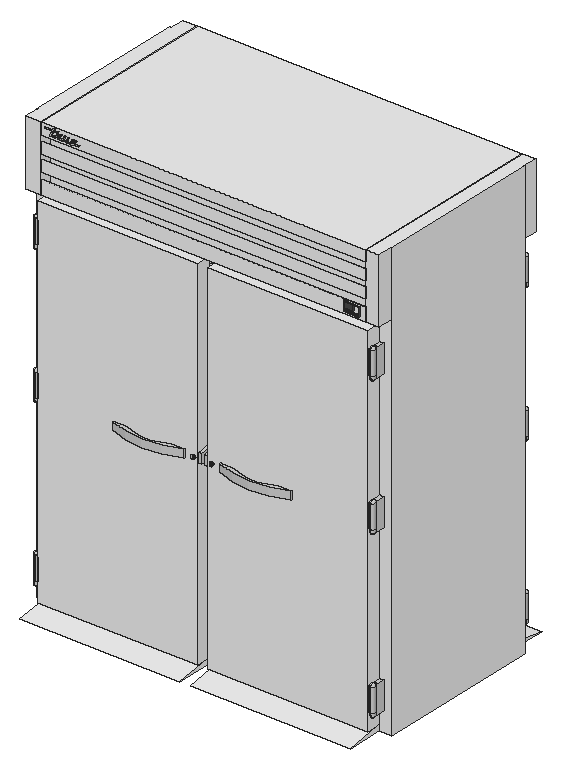
Revit family
Parameters
  Weight in Pounds = 0
  Watts = Volts * FL Amps  # 1092.5 W
  Volts = 115 V
  URL Cutsheet = "www.truemfg.com"
  URL = "www.truemfg.com"
  Type Mark [instance] = ""
  Type Comments = ""
  Status [instance] = ""
  Specification by User [instance] = ""
  Specification by Manufacturer = ""
  Show Logo [instance] = yes
  Show Clearance [instance] = yes
  Serial Number = ""
  Seismic Rating = ""
  SMACNA No = ""
  Revision Code [instance] = ""
  Phase = 1
  Omniclass Number and Title = ""
  Number of Poles [instance] = 1
  NAFEM Spec ID Number = ""
  Model = "STG2RRT-2S-2S"
  Min Ckt Ampacity = 0 A
  Max Overcurrent Protection = 0 A
  Masterspec = ""
  Manufacturer = "TRUE FOOD SERVICE EQUIPMENT, INC."
  Length = 68"
  Item Number [instance] = ""
  Installed By [instance] = ""
  Identify Quantity as Lot [instance] = yes
  Height = 83 3/4"
  HP = "1/2"
  Furnished By [instance] = ""
  Foodservice Equipment Identifier [instance] = yes
  FL Amps = 9.5 A
  Electrical Remarks [instance] = ""
  Electric Connection Type [instance] = ""
  Elec Conn RI Height [instance] = 0"
  Elec Conn Connection Height [instance] = 0"
  Description = "Roll-thru Solid Swing Door Refrigerator"
  Depth = 37 1/2"
  Cycle = 60 Hz
  Conn Plug = "5-15P"
  Conn Conduit = yes
  CSI MasterFormat = ""
  CSI Master Format = ""
  Apparent Power = if(Phase = 3, Volts * FL Amps * 1.73, Volts * FL Amps)  # 1092.5 VA
Reference planes (in)
  plane 1 "BACK": y = 0
  plane 2: z = 0
  plane 3 "LEFT": x = 0
  plane 4 "RIGHT": x = 68
  plane 5 "FRONT": y = -37.5
  plane 6 "TOP": z = 83.75
  plane 7: x = 2.84375
  plane 8: y = -37.4542
  plane 9: x = 34
  plane 10: y = -0.0458
  plane 11: z = 69.90625
Forms (in)
  Extrusion 1, solid, material "QF_Finishes_Chrome - Satin"
    sketch origin (0.05, 0, 0) x (1, 0, 0) y (0, 1, 0)
      loop
        line (-0.05, -2.75) -> (-0.05, -34.75) -> (2.87859, -34.75) -> (2.87859, -2.75) -> (-0.05, -2.75)
    from 0 to 83.75
  Extrusion 2, solid, material "QF_Finishes_Chrome - Satin"
    sketch origin (50.15, 0, 0) x (1, 0, 0) y (0, 1, 0)
      loop
        line (15.15, -2.75) -> (15.15, -34.75) -> (17.85, -34.75) -> (17.85, -2.75) -> (15.15, -2.75)
    from 0 to 83.75
  Extrusion 3, solid, material "QF_Finishes_Chrome - Satin"
    sketch origin (0, 0, 0) x (0, 1, 0) y (0, 0, 1)
      loop
        line (-37.4542, 71.28125) -> (-34.75, 71.28125) -> (-34.75, 68.90625) -> (-2.75, 68.90625) -> (-2.75, 71.28125) -> (-0.0458, 71.28125) -> (-0.0458, 73.94226) -> (-2.25, 72.375) -> (-2.25, 73.65057) -> (-0.0458, 75.21784) -> (-0.0458, 77.31404) -> (-2.25, 75.74678) -> (-2.25, 76.70754) -> (-0.0458, 78.2748) -> (-0.0458, 80.40851) -> (-2.25, 78.84125) -> (-2.25, 79.96352) -> (-0.0458, 81.53078) -> (-0.0458, 83.75) -> (-37.4542, 83.75) -> (-37.4542, 81.53078) -> (-35.25, 79.96352) -> (-35.25, 78.84125) -> (-37.4542, 80.40851) -> (-37.4542, 78.2748) -> (-35.25, 76.70754) -> (-35.25, 75.74678) -> (-37.4542, 77.31404) -> (-37.4542, 75.21784) -> (-35.25, 73.65057) -> (-35.25, 72.375) -> (-37.4542, 73.94226) -> (-37.4542, 71.28125)
      loop
        line (-34.75, 0) -> (-2.75, 0) -> (-2.75, 2) -> (-34.75, 2) -> (-34.75, 0)
    from 2.92859 to 65.3
  Extrusion 4, solid, material "QF_Finishes_Chrome - Satin"
    sketch origin (0, 0, 0) x (1, 0, 0) y (0, 1, 0)
      loop
        line (67.84782, -34.75) -> (65.3, -34.75) -> (65.3, -37.5) -> (67.84782, -37.5) -> (67.84782, -34.75)
      loop
        line (67.84782, -2.75) -> (67.84782, 0) -> (65.3, 0) -> (65.3, -2.75) -> (67.84782, -2.75)
    from 71.28125 to 83.75
  Extrusion 5, solid, material "QF_Finishes_Chrome - Satin"
    sketch origin (-50.125, 0, 0.25) x (1, 0, 0) y (0, 1, 0)
      loop
        line (53.05359, -34.75) -> (50.24109, -34.75) -> (50.24109, -37.5) -> (53.05359, -37.5) -> (53.05359, -34.75)
      loop
        line (53.05359, -2.75) -> (53.05359, 0) -> (50.24109, 0) -> (50.24109, -2.75) -> (53.05359, -2.75)
    from 71.03125 to 83.5
  Extrusion 6, solid, material "QF_Finishes_Handrails and Railings"
    sketch origin (9.34375, -3.83467, -3.5) x (1, 0, 0) y (0, 0, 1)
      loop
        circle (26.4375, 40.0625) r 0.35
      loop
        line (26.47265, 40.33635) -> (26.41715, 40.33635) -> (26.41715, 39.76895) -> (26.47265, 39.76895) -> (26.47265, 40.33635)
    from 33.5 to 33.83066
  Extrusion 7, solid, material "QF_Finishes_Handrails and Railings", visible <- "Show Logo"
    sketch origin (0.33478, -2.68623, 5.13015) x (1, 0, 0) y (0, 0, 1)
      loop
        line (3.46044, 78.08731) -> (3.35478, 77.86073) -> (4.76027, 77.86073)
        arc (4.76027, 77.86073) -> (4.78879, 77.81028) -> (4.76027, 77.75984) r 0.05887
        line (4.76027, 77.75984) -> (4.39369, 76.97372)
        arc (4.39369, 76.97372) -> (4.39051, 76.90091) -> (4.43975, 76.84717) r 0.09523
        line (4.43975, 76.84717) -> (5.33844, 76.84717)
        arc (5.33844, 76.84717) -> (5.45192, 76.88295) -> (5.52436, 76.97735) r 0.19785
        line (5.52436, 76.97735) -> (5.81285, 77.59601) -> (6.0779, 77.59601)
        arc (6.0779, 77.59601) -> (6.14744, 77.57043) -> (6.13737, 77.49703) r 0.05911
        line (6.13737, 77.49703) -> (5.89598, 76.97937)
        arc (5.89598, 76.97937) -> (5.89974, 76.8934) -> (5.97231, 76.84717) r 0.09318
        line (5.97231, 76.84717) -> (6.76198, 76.84717)
        arc (6.76198, 76.84717) -> (6.82249, 76.86919) -> (6.85468, 76.92495) r 0.09412
        arc (6.85468, 76.92495) -> (6.87746, 76.86995) -> (6.93246, 76.84717) r 0.07778
        line (6.93246, 76.84717) -> (7.43246, 76.84717)
        arc (7.43246, 76.84717) -> (7.49022, 76.86265) -> (7.53251, 76.90493) r 0.11552
        arc (7.53251, 76.90493) -> (7.55275, 76.85606) -> (7.60162, 76.83581) r 0.06912
        line (7.60162, 76.83581) -> (8.31225, 76.83581)
        arc (8.31225, 76.83581) -> (8.37034, 76.85988) -> (8.39441, 76.91797) r 0.08216
        arc (8.39441, 76.91797) -> (8.44767, 76.86472) -> (8.52042, 76.84522) r 0.14551
        line (8.52042, 76.84522) -> (9.85158, 76.84522) -> (9.99946, 77.10134) -> (8.65678, 77.10134)
        arc (8.65678, 77.10134) -> (8.61972, 77.12704) -> (8.61834, 77.17211) r 0.05009
        line (8.61834, 77.17211) -> (8.64157, 77.22192)
        arc (8.64157, 77.22192) -> (8.67723, 77.26864) -> (8.73327, 77.28635) r 0.09747
        line (8.73327, 77.28635) -> (9.16485, 77.28635)
        arc (9.16485, 77.28635) -> (9.258, 77.31131) -> (9.32619, 77.3795) r 0.1863
        line (9.32619, 77.3795) -> (9.45119, 77.59601)
        arc (9.45119, 77.59601) -> (9.45119, 77.71157) -> (9.35111, 77.76934) r 0.11556
        line (9.35111, 77.76934) -> (8.89562, 77.76934)
        arc (8.89562, 77.76934) -> (8.7795, 77.74962) -> (8.69849, 77.66412) r 0.18605
        line (8.69849, 77.66412) -> (8.48204, 77.19993)
        arc (8.48204, 77.19993) -> (8.41815, 77.11667) -> (8.31806, 77.08511) r 0.1745
        line (8.31806, 77.08511) -> (7.84559, 77.08511)
        arc (7.84559, 77.08511) -> (7.78903, 77.14684) -> (7.79268, 77.23048) r 0.10939
        line (7.79268, 77.23048) -> (8.04395, 77.76934) -> (7.88403, 77.76934) -> (7.61781, 77.19844)
        arc (7.61781, 77.19844) -> (7.56609, 77.13103) -> (7.48505, 77.10548) r 0.14128
        line (7.48505, 77.10548) -> (7.15925, 77.10548)
        arc (7.15925, 77.10548) -> (7.10419, 77.17723) -> (7.116, 77.26689) r 0.11816
        line (7.116, 77.26689) -> (7.3503, 77.76934) -> (7.18514, 77.76934) -> (6.91546, 77.191)
        arc (6.91546, 77.191) -> (6.85285, 77.12839) -> (6.76733, 77.10548) r 0.17104
        line (6.76733, 77.10548) -> (6.29555, 77.10548)
        arc (6.29555, 77.10548) -> (6.21082, 77.14499) -> (6.20267, 77.23813) r 0.0935
        line (6.20267, 77.23813) -> (6.35774, 77.57069) -> (6.57695, 77.57069)
        arc (6.57695, 77.57069) -> (6.61395, 77.68217) -> (6.69267, 77.76934) r 0.2857
        line (6.69267, 77.76934) -> (5.83605, 77.76934)
        arc (5.83605, 77.76934) -> (5.74086, 77.74824) -> (5.67498, 77.67635) r 0.16212
        line (5.67498, 77.67635) -> (5.44279, 77.17841)
        arc (5.44279, 77.17841) -> (5.3894, 77.12502) -> (5.31647, 77.10548) r 0.14586
        line (5.31647, 77.10548) -> (4.80506, 77.10548)
        arc (4.80506, 77.10548) -> (4.76514, 77.15942) -> (4.77274, 77.22609) r 0.09155
        line (4.77274, 77.22609) -> (5.11018, 77.86073) -> (5.96155, 77.86073) -> (6.06721, 78.08731) -> (5.21584, 78.08731) -> (5.32149, 78.31388) -> (5.01862, 78.31388) -> (4.91297, 78.08731) -> (3.46044, 78.08731)
      loop
        arc (8.83805, 77.56363) -> (8.80119, 77.55375) -> (8.7742, 77.52676) r 0.07373
        line (8.7742, 77.52676) -> (8.75229, 77.45936)
        arc (8.75229, 77.45936) -> (8.76245, 77.43483) -> (8.78699, 77.42466) r 0.0347
        line (8.78699, 77.42466) -> (9.15948, 77.42466)
        arc (9.15948, 77.42466) -> (9.18632, 77.43061) -> (9.20812, 77.44734) r 0.0635
        line (9.20812, 77.44734) -> (9.22624, 77.53122)
        arc (9.22624, 77.53122) -> (9.22091, 77.55368) -> (9.20009, 77.56363) r 0.02676
        line (9.20009, 77.56363) -> (8.83805, 77.56363)
    from 34.76797 to 34.83173
  Extrusion 8, solid, material "QF_Finishes_White"
    sketch origin (-22.74812, -2.7042, -7.90007) x (1, 0, 0) y (0, 0, 1)
      loop
        line (83.81732, 81.35727) -> (83.81732, 79.60996) -> (86.72357, 79.60996) -> (86.72357, 81.35727) -> (83.81732, 81.35727)
    from 34.75 to 34.76797
  Extrusion 9, solid, material "QF_Finishes_Black"
    sketch origin (-22.74812, -2.7042, -7.90007) x (1, 0, 0) y (0, 0, 1)
      loop
        line (86.78607, 81.41977) -> (83.75482, 81.41977) -> (83.75482, 79.54746) -> (86.78607, 79.54746) -> (86.78607, 81.41977)
      loop
        spline (83.95482, 79.87872) -> (83.96333, 79.86254) -> (83.98831, 79.84747) -> (84.02804, 79.83452) -> (84.07982, 79.82459) -> (84.14011, 79.81835) -> (84.20482, 79.81622) -> (84.26952, 79.81835) -> (84.32982, 79.82459) -> (84.38159, 79.83452) -> (84.42132, 79.84747) -> (84.4463, 79.86254) -> (84.45482, 79.87872)
        spline (84.45482, 79.87872) -> (84.4463, 79.89489) -> (84.42132, 79.90997) -> (84.38159, 79.92291) -> (84.32982, 79.93284) -> (84.26952, 79.93909) -> (84.20482, 79.94122) -> (84.14011, 79.93909) -> (84.07982, 79.93284) -> (84.02804, 79.92291) -> (83.98831, 79.90997) -> (83.96333, 79.89489) -> (83.95482, 79.87872)
      loop
        spline (84.65083, 79.87872) -> (84.65935, 79.86254) -> (84.68432, 79.84747) -> (84.72405, 79.83452) -> (84.77583, 79.82459) -> (84.83612, 79.81835) -> (84.90083, 79.81622) -> (84.96553, 79.81835) -> (85.02583, 79.82459) -> (85.07761, 79.83452) -> (85.11734, 79.84747) -> (85.14231, 79.86254) -> (85.15083, 79.87872)
        spline (85.15083, 79.87872) -> (85.14231, 79.89489) -> (85.11734, 79.90997) -> (85.07761, 79.92291) -> (85.02583, 79.93284) -> (84.96553, 79.93909) -> (84.90083, 79.94122) -> (84.83612, 79.93909) -> (84.77583, 79.93284) -> (84.72405, 79.92291) -> (84.68432, 79.90997) -> (84.65935, 79.89489) -> (84.65083, 79.87872)
      loop
        spline (85.40083, 79.87872) -> (85.40935, 79.86254) -> (85.43432, 79.84747) -> (85.47405, 79.83452) -> (85.52583, 79.82459) -> (85.58612, 79.81835) -> (85.65083, 79.81622) -> (85.71553, 79.81835) -> (85.77583, 79.82459) -> (85.82761, 79.83452) -> (85.86734, 79.84747) -> (85.89231, 79.86254) -> (85.90083, 79.87872)
        spline (85.90083, 79.87872) -> (85.89231, 79.89489) -> (85.86734, 79.90997) -> (85.82761, 79.92291) -> (85.77583, 79.93284) -> (85.71553, 79.93909) -> (85.65083, 79.94122) -> (85.58612, 79.93909) -> (85.52583, 79.93284) -> (85.47405, 79.92291) -> (85.43432, 79.90997) -> (85.40935, 79.89489) -> (85.40083, 79.87872)
      loop
        line (83.95481, 81.21978) -> (83.95481, 80.21978) -> (85.65433, 80.21978) -> (85.65433, 81.21978) -> (83.95481, 81.21978)
      loop
        line (86.72357, 81.35727) -> (83.81732, 81.35727) -> (83.81732, 79.60996) -> (86.72357, 79.60996) -> (86.72357, 81.35727)
      loop
        spline (86.15083, 79.87872) -> (86.15935, 79.86254) -> (86.18432, 79.84747) -> (86.22405, 79.83452) -> (86.27583, 79.82459) -> (86.33612, 79.81835) -> (86.40083, 79.81622) -> (86.46553, 79.81835) -> (86.52583, 79.82459) -> (86.57761, 79.83452) -> (86.61734, 79.84747) -> (86.64231, 79.86254) -> (86.65083, 79.87872)
        spline (86.65083, 79.87872) -> (86.64231, 79.89489) -> (86.61734, 79.90997) -> (86.57761, 79.92291) -> (86.52583, 79.93284) -> (86.46553, 79.93909) -> (86.40083, 79.94122) -> (86.33612, 79.93909) -> (86.27583, 79.93284) -> (86.22405, 79.92291) -> (86.18432, 79.90997) -> (86.15935, 79.89489) -> (86.15083, 79.87872)
    from 34.76797 to 34.80335
  Extrusion 10, solid
    sketch origin (-25.125, 0, 0) x (1, 0, 0) y (0, 0, 1)
      loop
        circle (89.875, 81.625) r 0.25
    from 0 to 0.0625
  Blend 11, solid, material "QF_Finishes_Handrails and Railings"
    base sketch origin (60.25, -3.75, -1.5) x (-1, 0, 0) y (0, 0, -1)
      loop
        line (25.25, -38.99169) -> (26, -38.99169) -> (26, -37.24169) -> (25.25, -37.24169) -> (25.25, -38.99169)
    top sketch origin (60.25, 0, -1.5) x (-1, 0, 0) y (0, 0, -1)
      loop
        line (26.18223, -36.6441) -> (25.25, -36.6441) -> (25.25, -39.42643) -> (26.18223, -39.42643) -> (26.18223, -36.6441)
    from 33.57883 to 34.75
  Extrusion 12, solid, material "QF_Finishes_Handrails and Railings"
    sketch origin (66.78125, 0, 2.75) x (0, 1, 0) y (0, 0, -1)
      loop
        line (-34.75, -64.17729) -> (-34.75, -58.86127) -> (-37, -58.86127) -> (-37, -59.57348) -> (-36.56497, -59.57348) -> (-36.56497, -63.97276)
        arc (-36.56497, -63.97276) -> (-36.50506, -64.11738) -> (-36.36044, -64.17729) r 0.20453
        line (-36.36044, -64.17729) -> (-34.75, -64.17729)
    from 0.17506 to 1
  Revolve 13, solid, material "QF_Finishes_Handrails and Railings"
    sketch origin (66.28125, 0, 2.75) x (0, 1, 0) y (0, 0, -1)
      loop
        line (-37.01563, -59.62689) -> (-37.42229, -59.62689) -> (-37.42229, -64.0986)
        arc (-37.42229, -64.0986) -> (-37.28722, -64.35057) -> (-37.01563, -64.43983) r 0.3848
        line (-37.01563, -64.43983) -> (-37.01563, -59.62689)
      loop
        line (-37.01563, -59.57348) -> (-37.01563, -58.67281)
        arc (-37.01563, -58.67281) -> (-37.28264, -58.75883) -> (-37.42229, -59.00212) r 0.38884
        line (-37.42229, -59.00212) -> (-37.42229, -59.57348) -> (-37.01563, -59.57348)
      axis (-37.01563, -58.67281) -> (-37.01563, -64.43983)
    angle from 0 to 360
  Extrusion 14, solid, material "QF_Finishes_Handrails and Railings"
    sketch origin (27.5, -3.82734, 2.7511) x (-1, 0, 0) y (0, 0, -1)
      loop
        line (-38.58509, -64.0986) -> (-38.1875, -64.0986) -> (-38.1875, -59.62579) -> (-38.58509, -59.62579) -> (-38.58509, -64.0986)
    from 32.81497 to 33.59495
  Extrusion 15, solid, material "QF_Finishes_Handrails and Railings"
    sketch origin (66.78125, 0, -24) x (0, 1, 0) y (0, 0, -1)
      loop
        line (-34.75, -64.55229) -> (-34.75, -59.23627) -> (-37, -59.23627) -> (-37, -59.94848) -> (-36.56497, -59.94848) -> (-36.56497, -64.34776)
        arc (-36.56497, -64.34776) -> (-36.50506, -64.49238) -> (-36.36044, -64.55229) r 0.20453
        line (-36.36044, -64.55229) -> (-34.75, -64.55229)
    from 0.17506 to 1
  Revolve 16, solid, material "QF_Finishes_Handrails and Railings"
    sketch origin (66.28125, 0, -24) x (0, 1, 0) y (0, 0, -1)
      loop
        line (-37.01563, -60.00189) -> (-37.42229, -60.00189) -> (-37.42229, -64.4736)
        arc (-37.42229, -64.4736) -> (-37.28722, -64.72557) -> (-37.01563, -64.81483) r 0.3848
        line (-37.01563, -64.81483) -> (-37.01563, -60.00189)
      loop
        line (-37.01563, -59.94848) -> (-37.01563, -59.04781)
        arc (-37.01563, -59.04781) -> (-37.28264, -59.13383) -> (-37.42229, -59.37712) r 0.38884
        line (-37.42229, -59.37712) -> (-37.42229, -59.94848) -> (-37.01563, -59.94848)
      axis (-37.01563, -59.04781) -> (-37.01563, -64.81483)
    angle from 0 to 360
  Extrusion 17, solid, material "QF_Finishes_Handrails and Railings"
    sketch origin (27.5, -3.82734, -23.9989) x (-1, 0, 0) y (0, 0, -1)
      loop
        line (-38.58509, -64.4736) -> (-38.1875, -64.4736) -> (-38.1875, -60.00079) -> (-38.58509, -60.00079) -> (-38.58509, -64.4736)
    from 32.81497 to 33.59495
  Extrusion 18, solid, material "QF_Finishes_Handrails and Railings"
    sketch origin (66.78125, 0, -55.5) x (0, 1, 0) y (0, 0, -1)
      loop
        line (-34.75, -64.55229) -> (-34.75, -59.23627) -> (-37, -59.23627) -> (-37, -59.94848) -> (-36.56497, -59.94848) -> (-36.56497, -64.34776)
        arc (-36.56497, -64.34776) -> (-36.50506, -64.49238) -> (-36.36044, -64.55229) r 0.20453
        line (-36.36044, -64.55229) -> (-34.75, -64.55229)
    from 0.17506 to 1
  Revolve 19, solid, material "QF_Finishes_Handrails and Railings"
    sketch origin (66.28125, 0, -55.5) x (0, 1, 0) y (0, 0, -1)
      loop
        line (-37.01563, -60.00189) -> (-37.42229, -60.00189) -> (-37.42229, -64.4736)
        arc (-37.42229, -64.4736) -> (-37.28722, -64.72557) -> (-37.01563, -64.81483) r 0.3848
        line (-37.01563, -64.81483) -> (-37.01563, -60.00189)
      loop
        line (-37.01563, -59.94848) -> (-37.01563, -59.04781)
        arc (-37.01563, -59.04781) -> (-37.28264, -59.13383) -> (-37.42229, -59.37712) r 0.38884
        line (-37.42229, -59.37712) -> (-37.42229, -59.94848) -> (-37.01563, -59.94848)
      axis (-37.01563, -59.04781) -> (-37.01563, -64.81483)
    angle from 0 to 360
  Extrusion 20, solid, material "QF_Finishes_Handrails and Railings"
    sketch origin (27.5, -3.82734, -55.4989) x (-1, 0, 0) y (0, 0, -1)
      loop
        line (-38.58509, -64.4736) -> (-38.1875, -64.4736) -> (-38.1875, -60.00079) -> (-38.58509, -60.00079) -> (-38.58509, -64.4736)
    from 32.81497 to 33.59495
  Extrusion 21, solid, material "QF_Finishes_Chrome - Satin"
    sketch origin (65.6875, -3.75, 8.03125) x (0, 0, 1) y (0, -1, 0)
      loop
        line (-8.03125, 37.875) -> (-8.03125, 31) -> (-7.03125, 31) -> (-8.03125, 37.875)
    from 0 to -30.6875
  Extrusion 22, solid, material "QF_Finishes_Chrome - Satin"
    sketch origin (59.96875, -3.75, -0.71875) x (-1, 0, 0) y (0, 0, -1)
      loop
        line (26.96875, -1.71875) -> (26.96875, -70.625) -> (57.65625, -70.625) -> (57.65625, -1.71875) -> (26.96875, -1.71875)
      loop
        line (24.96875, -1.71875) -> (-5.71875, -1.71875) -> (-5.71875, -70.625) -> (24.96875, -70.625) -> (24.96875, -1.71875)
    from 31 to 33.75
  Extrusion 23, solid, material "QF_Finishes_Handrails and Railings"
    sketch origin (58.65625, -3.83467, -3.5) x (-1, 0, 0) y (0, 0, -1)
      loop
        circle (26.4375, -40.0625) r 0.35
      loop
        line (26.47265, -40.33635) -> (26.47265, -39.76895) -> (26.41715, -39.76895) -> (26.41715, -40.33635) -> (26.47265, -40.33635)
    from 33.5 to 33.83066
  Blend 24, solid, material "QF_Finishes_Handrails and Railings"
    base sketch origin (7.75, -3.75, -1.5) x (1, 0, 0) y (0, 0, 1)
      loop
        line (25.25, 38.99169) -> (25.25, 37.24169) -> (26, 37.24169) -> (26, 38.99169) -> (25.25, 38.99169)
    top sketch origin (7.75, 0, -1.5) x (1, 0, 0) y (0, 0, 1)
      loop
        line (26.18223, 36.6441) -> (26.18223, 39.42643) -> (25.25, 39.42643) -> (25.25, 36.6441) -> (26.18223, 36.6441)
    from 33.57883 to 34.75
  Extrusion 25, solid, material "QF_Finishes_Handrails and Railings"
    sketch origin (1.21875, 0, 2.75) x (0, 1, 0) y (0, 0, 1)
      loop
        line (-34.75, 64.17729) -> (-36.36044, 64.17729)
        arc (-36.36044, 64.17729) -> (-36.50506, 64.11738) -> (-36.56497, 63.97276) r 0.20453
        line (-36.56497, 63.97276) -> (-36.56497, 59.57348) -> (-37, 59.57348) -> (-37, 58.86127) -> (-34.75, 58.86127) -> (-34.75, 64.17729)
    from 0.17506 to 1
  Revolve 26, solid, material "QF_Finishes_Handrails and Railings"
    sketch origin (1.71875, 0, 2.75) x (0, 1, 0) y (0, 0, 1)
      loop
        line (-37.01563, 59.62689) -> (-37.01563, 64.43983)
        arc (-37.01563, 64.43983) -> (-37.28722, 64.35057) -> (-37.42229, 64.0986) r 0.3848
        line (-37.42229, 64.0986) -> (-37.42229, 59.62689) -> (-37.01563, 59.62689)
      loop
        line (-37.01563, 59.57348) -> (-37.42229, 59.57348) -> (-37.42229, 59.00212)
        arc (-37.42229, 59.00212) -> (-37.28264, 58.75883) -> (-37.01563, 58.67281) r 0.38884
        line (-37.01563, 58.67281) -> (-37.01563, 59.57348)
      axis (-37.01563, 58.67281) -> (-37.01563, 64.43983)
    angle from 0 to 360
  Extrusion 27, solid, material "QF_Finishes_Handrails and Railings"
    sketch origin (40.5, -3.82734, 2.7511) x (1, 0, 0) y (0, 0, 1)
      loop
        line (-38.58509, 64.0986) -> (-38.58509, 59.62579) -> (-38.1875, 59.62579) -> (-38.1875, 64.0986) -> (-38.58509, 64.0986)
    from 32.81497 to 33.59495
  Extrusion 28, solid, material "QF_Finishes_Handrails and Railings"
    sketch origin (1.21875, 0, -24) x (0, 1, 0) y (0, 0, 1)
      loop
        line (-34.75, 64.55229) -> (-36.36044, 64.55229)
        arc (-36.36044, 64.55229) -> (-36.50506, 64.49238) -> (-36.56497, 64.34776) r 0.20453
        line (-36.56497, 64.34776) -> (-36.56497, 59.94848) -> (-37, 59.94848) -> (-37, 59.23627) -> (-34.75, 59.23627) -> (-34.75, 64.55229)
    from 0.17506 to 1
  Revolve 29, solid, material "QF_Finishes_Handrails and Railings"
    sketch origin (1.71875, 0, -24) x (0, 1, 0) y (0, 0, 1)
      loop
        line (-37.01563, 60.00189) -> (-37.01563, 64.81483)
        arc (-37.01563, 64.81483) -> (-37.28722, 64.72557) -> (-37.42229, 64.4736) r 0.3848
        line (-37.42229, 64.4736) -> (-37.42229, 60.00189) -> (-37.01563, 60.00189)
      loop
        line (-37.01563, 59.94848) -> (-37.42229, 59.94848) -> (-37.42229, 59.37712)
        arc (-37.42229, 59.37712) -> (-37.28264, 59.13383) -> (-37.01563, 59.04781) r 0.38884
        line (-37.01563, 59.04781) -> (-37.01563, 59.94848)
      axis (-37.01563, 59.04781) -> (-37.01563, 64.81483)
    angle from 0 to 360
  Extrusion 30, solid, material "QF_Finishes_Handrails and Railings"
    sketch origin (40.5, -3.82734, -23.9989) x (1, 0, 0) y (0, 0, 1)
      loop
        line (-38.58509, 64.4736) -> (-38.58509, 60.00079) -> (-38.1875, 60.00079) -> (-38.1875, 64.4736) -> (-38.58509, 64.4736)
    from 32.81497 to 33.59495
  Extrusion 31, solid, material "QF_Finishes_Handrails and Railings"
    sketch origin (1.21875, 0, -55.5) x (0, 1, 0) y (0, 0, 1)
      loop
        line (-34.75, 64.55229) -> (-36.36044, 64.55229)
        arc (-36.36044, 64.55229) -> (-36.50506, 64.49238) -> (-36.56497, 64.34776) r 0.20453
        line (-36.56497, 64.34776) -> (-36.56497, 59.94848) -> (-37, 59.94848) -> (-37, 59.23627) -> (-34.75, 59.23627) -> (-34.75, 64.55229)
    from 0.17506 to 1
  Revolve 32, solid, material "QF_Finishes_Handrails and Railings"
    sketch origin (1.71875, 0, -55.5) x (0, 1, 0) y (0, 0, 1)
      loop
        line (-37.01563, 60.00189) -> (-37.01563, 64.81483)
        arc (-37.01563, 64.81483) -> (-37.28722, 64.72557) -> (-37.42229, 64.4736) r 0.3848
        line (-37.42229, 64.4736) -> (-37.42229, 60.00189) -> (-37.01563, 60.00189)
      loop
        line (-37.01563, 59.94848) -> (-37.42229, 59.94848) -> (-37.42229, 59.37712)
        arc (-37.42229, 59.37712) -> (-37.28264, 59.13383) -> (-37.01563, 59.04781) r 0.38884
        line (-37.01563, 59.04781) -> (-37.01563, 59.94848)
      axis (-37.01563, 59.04781) -> (-37.01563, 64.81483)
    angle from 0 to 360
  Extrusion 33, solid, material "QF_Finishes_Handrails and Railings"
    sketch origin (40.5, -3.82734, -55.4989) x (1, 0, 0) y (0, 0, 1)
      loop
        line (-38.58509, 64.4736) -> (-38.58509, 60.00079) -> (-38.1875, 60.00079) -> (-38.1875, 64.4736) -> (-38.58509, 64.4736)
    from 32.81497 to 33.59495
  Extrusion 34, solid, material "QF_Finishes_Chrome - Satin"
    sketch origin (2.3125, -3.75, 8.03125) x (0, 0, 1) y (0, 1, 0)
      loop
        line (-8.03125, -37.875) -> (-7.03125, -31) -> (-8.03125, -31) -> (-8.03125, -37.875)
    from 0 to -30.6875
  Extrusion 35, solid, material "QF_Finishes_Door Clearance", visible <- "Show Clearance", detail levels coarse
    sketch origin (32.71875, -3.75, 1) x (0, 1, 0) y (1, 0, 0)
      loop
        line (-33.75, -30.40625) -> (-33.75, 0.28125)
        arc (-33.75, 0.28125) -> (-55.44934, -8.70691) -> (-64.4375, -30.40625) r 30.6875
        line (-64.4375, -30.40625) -> (-33.75, -30.40625)
      loop
        line (-33.75, 32.96875) -> (-64.4375, 32.96875)
        arc (-64.4375, 32.96875) -> (-55.44934, 11.26941) -> (-33.75, 2.28125) r 30.6875
        line (-33.75, 2.28125) -> (-33.75, 32.96875)
    from 0 to -68.90625
  Extrusion 36, solid, material "QF_Finishes_Chrome - Satin"
    sketch origin (8.03125, -33.75, -0.71875) x (1, 0, 0) y (0, 0, -1)
      loop
        line (26.96875, -1.71875) -> (26.96875, -70.625) -> (57.65625, -70.625) -> (57.65625, -1.71875) -> (26.96875, -1.71875)
    from 31 to 33.75
  Extrusion 37, solid, material "QF_Finishes_Handrails and Railings"
    sketch origin (91.34375, -37.25, 24.93519) x (-1, 0, 0) y (0, -1, 0)
      loop
        line (53.875, -37.25) -> (51.475, -37.25)
        arc (51.475, -37.25) -> (47.075, -38.40816) -> (42.675, -37.25) r 8.93715
        line (42.675, -37.25) -> (40.275, -37.25) -> (40.275, -37.45)
        arc (40.275, -37.45) -> (47.075, -38.89405) -> (53.875, -37.45) r 16.7325
        line (53.875, -37.45) -> (53.875, -37.25)
    from 10.87731 to 12.37731
  Extrusion 38, solid, material "QF_Finishes_Handrails and Railings"
    sketch origin (9.34375, -33.66533, -3.5) x (1, 0, 0) y (0, 0, -1)
      loop
        circle (26.4375, -40.0625) r 0.35
      loop
        line (26.47265, -40.33635) -> (26.47265, -39.76895) -> (26.41715, -39.76895) -> (26.41715, -40.33635) -> (26.47265, -40.33635)
    from 33.5 to 33.83066
  Blend 39, solid, material "QF_Finishes_Handrails and Railings"
    base sketch origin (60.25, -33.75, -1.5) x (-1, 0, 0) y (0, 0, 1)
      loop
        line (25.25, 38.99169) -> (25.25, 37.24169) -> (26, 37.24169) -> (26, 38.99169) -> (25.25, 38.99169)
    top sketch origin (60.25, -37.5, -1.5) x (-1, 0, 0) y (0, 0, 1)
      loop
        line (26.18223, 36.6441) -> (26.18223, 39.42643) -> (25.25, 39.42643) -> (25.25, 36.6441) -> (26.18223, 36.6441)
    from 33.57883 to 34.75
  Extrusion 40, solid, material "QF_Finishes_Handrails and Railings"
    sketch origin (66.78125, -37.5, 2.75) x (0, -1, 0) y (0, 0, 1)
      loop
        line (-34.75, 64.17729) -> (-36.36044, 64.17729)
        arc (-36.36044, 64.17729) -> (-36.50506, 64.11738) -> (-36.56497, 63.97276) r 0.20453
        line (-36.56497, 63.97276) -> (-36.56497, 59.57348) -> (-37, 59.57348) -> (-37, 58.86127) -> (-34.75, 58.86127) -> (-34.75, 64.17729)
    from 0.17506 to 1
  Revolve 41, solid, material "QF_Finishes_Handrails and Railings"
    sketch origin (66.28125, -37.5, 2.75) x (0, -1, 0) y (0, 0, 1)
      loop
        line (-37.01563, 59.62689) -> (-37.01563, 64.43983)
        arc (-37.01563, 64.43983) -> (-37.28722, 64.35057) -> (-37.42229, 64.0986) r 0.3848
        line (-37.42229, 64.0986) -> (-37.42229, 59.62689) -> (-37.01563, 59.62689)
      loop
        line (-37.01563, 59.57348) -> (-37.42229, 59.57348) -> (-37.42229, 59.00212)
        arc (-37.42229, 59.00212) -> (-37.28264, 58.75883) -> (-37.01563, 58.67281) r 0.38884
        line (-37.01563, 58.67281) -> (-37.01563, 59.57348)
      axis (-37.01563, 58.67281) -> (-37.01563, 64.43983)
    angle from 0 to 360
  Extrusion 42, solid, material "QF_Finishes_Handrails and Railings"
    sketch origin (27.5, -33.67266, 2.7511) x (-1, 0, 0) y (0, 0, 1)
      loop
        line (-38.58509, 64.0986) -> (-38.58509, 59.62579) -> (-38.1875, 59.62579) -> (-38.1875, 64.0986) -> (-38.58509, 64.0986)
    from 32.81497 to 33.59495
  Extrusion 43, solid, material "QF_Finishes_Handrails and Railings"
    sketch origin (66.78125, -37.5, -24) x (0, -1, 0) y (0, 0, 1)
      loop
        line (-34.75, 64.55229) -> (-36.36044, 64.55229)
        arc (-36.36044, 64.55229) -> (-36.50506, 64.49238) -> (-36.56497, 64.34776) r 0.20453
        line (-36.56497, 64.34776) -> (-36.56497, 59.94848) -> (-37, 59.94848) -> (-37, 59.23627) -> (-34.75, 59.23627) -> (-34.75, 64.55229)
    from 0.17506 to 1
  Revolve 44, solid, material "QF_Finishes_Handrails and Railings"
    sketch origin (66.28125, -37.5, -24) x (0, -1, 0) y (0, 0, 1)
      loop
        line (-37.01563, 60.00189) -> (-37.01563, 64.81483)
        arc (-37.01563, 64.81483) -> (-37.28722, 64.72557) -> (-37.42229, 64.4736) r 0.3848
        line (-37.42229, 64.4736) -> (-37.42229, 60.00189) -> (-37.01563, 60.00189)
      loop
        line (-37.01563, 59.94848) -> (-37.42229, 59.94848) -> (-37.42229, 59.37712)
        arc (-37.42229, 59.37712) -> (-37.28264, 59.13383) -> (-37.01563, 59.04781) r 0.38884
        line (-37.01563, 59.04781) -> (-37.01563, 59.94848)
      axis (-37.01563, 59.04781) -> (-37.01563, 64.81483)
    angle from 0 to 360
  Extrusion 45, solid, material "QF_Finishes_Handrails and Railings"
    sketch origin (27.5, -33.67266, -23.9989) x (-1, 0, 0) y (0, 0, 1)
      loop
        line (-38.58509, 64.4736) -> (-38.58509, 60.00079) -> (-38.1875, 60.00079) -> (-38.1875, 64.4736) -> (-38.58509, 64.4736)
    from 32.81497 to 33.59495
  Extrusion 46, solid, material "QF_Finishes_Handrails and Railings"
    sketch origin (66.78125, -37.5, -55.5) x (0, -1, 0) y (0, 0, 1)
      loop
        line (-34.75, 64.55229) -> (-36.36044, 64.55229)
        arc (-36.36044, 64.55229) -> (-36.50506, 64.49238) -> (-36.56497, 64.34776) r 0.20453
        line (-36.56497, 64.34776) -> (-36.56497, 59.94848) -> (-37, 59.94848) -> (-37, 59.23627) -> (-34.75, 59.23627) -> (-34.75, 64.55229)
    from 0.17506 to 1
  Revolve 47, solid, material "QF_Finishes_Handrails and Railings"
    sketch origin (66.28125, -37.5, -55.5) x (0, -1, 0) y (0, 0, 1)
      loop
        line (-37.01563, 60.00189) -> (-37.01563, 64.81483)
        arc (-37.01563, 64.81483) -> (-37.28722, 64.72557) -> (-37.42229, 64.4736) r 0.3848
        line (-37.42229, 64.4736) -> (-37.42229, 60.00189) -> (-37.01563, 60.00189)
      loop
        line (-37.01563, 59.94848) -> (-37.42229, 59.94848) -> (-37.42229, 59.37712)
        arc (-37.42229, 59.37712) -> (-37.28264, 59.13383) -> (-37.01563, 59.04781) r 0.38884
        line (-37.01563, 59.04781) -> (-37.01563, 59.94848)
      axis (-37.01563, 59.04781) -> (-37.01563, 64.81483)
    angle from 0 to 360
  Extrusion 48, solid, material "QF_Finishes_Handrails and Railings"
    sketch origin (27.5, -33.67266, -55.4989) x (-1, 0, 0) y (0, 0, 1)
      loop
        line (-38.58509, 64.4736) -> (-38.58509, 60.00079) -> (-38.1875, 60.00079) -> (-38.1875, 64.4736) -> (-38.58509, 64.4736)
    from 32.81497 to 33.59495
  Extrusion 49, solid, material "QF_Finishes_Chrome - Satin"
    sketch origin (65.6875, -33.75, 8.03125) x (0, 0, 1) y (0, -1, 0)
      loop
        line (-8.03125, -37.875) -> (-7.03125, -31) -> (-8.03125, -31) -> (-8.03125, -37.875)
    from 0 to -30.6875
  Extrusion 50, solid, material "QF_Finishes_Chrome - Satin"
    sketch origin (59.96875, -33.75, -0.71875) x (-1, 0, 0) y (0, 0, 1)
      loop
        line (26.96875, 1.71875) -> (57.65625, 1.71875) -> (57.65625, 70.625) -> (26.96875, 70.625) -> (26.96875, 1.71875)
    from 31 to 33.75
  Extrusion 51, solid, material "QF_Finishes_Handrails and Railings"
    sketch origin (-23.34375, -37.25, 24.93519) x (-1, 0, 0) y (0, -1, 0)
      loop
        line (-53.875, -37.25) -> (-53.875, -37.45)
        arc (-53.875, -37.45) -> (-47.075, -38.89405) -> (-40.275, -37.45) r 16.7325
        line (-40.275, -37.45) -> (-40.275, -37.25) -> (-42.675, -37.25)
        arc (-42.675, -37.25) -> (-47.075, -38.40816) -> (-51.475, -37.25) r 8.93715
        line (-51.475, -37.25) -> (-53.875, -37.25)
    from 10.87731 to 12.37731
  Extrusion 52, solid, material "QF_Finishes_Handrails and Railings"
    sketch origin (58.65625, -33.66533, -3.5) x (-1, 0, 0) y (0, 0, 1)
      loop
        circle (26.4375, 40.0625) r 0.35
      loop
        line (26.47265, 40.33635) -> (26.41715, 40.33635) -> (26.41715, 39.76895) -> (26.47265, 39.76895) -> (26.47265, 40.33635)
    from 33.5 to 33.83066
  Blend 53, solid, material "QF_Finishes_Handrails and Railings"
    base sketch origin (7.75, -33.75, -1.5) x (1, 0, 0) y (0, 0, -1)
      loop
        line (25.25, -38.99169) -> (26, -38.99169) -> (26, -37.24169) -> (25.25, -37.24169) -> (25.25, -38.99169)
    top sketch origin (7.75, -37.5, -1.5) x (1, 0, 0) y (0, 0, -1)
      loop
        line (26.18223, -36.6441) -> (25.25, -36.6441) -> (25.25, -39.42643) -> (26.18223, -39.42643) -> (26.18223, -36.6441)
    from 33.57883 to 34.75
  Extrusion 54, solid, material "QF_Finishes_Handrails and Railings"
    sketch origin (1.21875, -37.5, 2.75) x (0, -1, 0) y (0, 0, -1)
      loop
        line (-34.75, -64.17729) -> (-34.75, -58.86127) -> (-37, -58.86127) -> (-37, -59.57348) -> (-36.56497, -59.57348) -> (-36.56497, -63.97276)
        arc (-36.56497, -63.97276) -> (-36.50506, -64.11738) -> (-36.36044, -64.17729) r 0.20453
        line (-36.36044, -64.17729) -> (-34.75, -64.17729)
    from 0.17506 to 1
  Revolve 55, solid, material "QF_Finishes_Handrails and Railings"
    sketch origin (1.71875, -37.5, 2.75) x (0, -1, 0) y (0, 0, -1)
      loop
        line (-37.01563, -59.62689) -> (-37.42229, -59.62689) -> (-37.42229, -64.0986)
        arc (-37.42229, -64.0986) -> (-37.28722, -64.35057) -> (-37.01563, -64.43983) r 0.3848
        line (-37.01563, -64.43983) -> (-37.01563, -59.62689)
      loop
        line (-37.01563, -59.57348) -> (-37.01563, -58.67281)
        arc (-37.01563, -58.67281) -> (-37.28264, -58.75883) -> (-37.42229, -59.00212) r 0.38884
        line (-37.42229, -59.00212) -> (-37.42229, -59.57348) -> (-37.01563, -59.57348)
      axis (-37.01563, -58.67281) -> (-37.01563, -64.43983)
    angle from 0 to 360
  Extrusion 56, solid, material "QF_Finishes_Handrails and Railings"
    sketch origin (40.5, -33.67266, 2.7511) x (1, 0, 0) y (0, 0, -1)
      loop
        line (-38.58509, -64.0986) -> (-38.1875, -64.0986) -> (-38.1875, -59.62579) -> (-38.58509, -59.62579) -> (-38.58509, -64.0986)
    from 32.81497 to 33.59495
  Extrusion 57, solid, material "QF_Finishes_Handrails and Railings"
    sketch origin (1.21875, -37.5, -24) x (0, -1, 0) y (0, 0, -1)
      loop
        line (-34.75, -64.55229) -> (-34.75, -59.23627) -> (-37, -59.23627) -> (-37, -59.94848) -> (-36.56497, -59.94848) -> (-36.56497, -64.34776)
        arc (-36.56497, -64.34776) -> (-36.50506, -64.49238) -> (-36.36044, -64.55229) r 0.20453
        line (-36.36044, -64.55229) -> (-34.75, -64.55229)
    from 0.17506 to 1
  Revolve 58, solid, material "QF_Finishes_Handrails and Railings"
    sketch origin (1.71875, -37.5, -24) x (0, -1, 0) y (0, 0, -1)
      loop
        line (-37.01563, -60.00189) -> (-37.42229, -60.00189) -> (-37.42229, -64.4736)
        arc (-37.42229, -64.4736) -> (-37.28722, -64.72557) -> (-37.01563, -64.81483) r 0.3848
        line (-37.01563, -64.81483) -> (-37.01563, -60.00189)
      loop
        line (-37.01563, -59.94848) -> (-37.01563, -59.04781)
        arc (-37.01563, -59.04781) -> (-37.28264, -59.13383) -> (-37.42229, -59.37712) r 0.38884
        line (-37.42229, -59.37712) -> (-37.42229, -59.94848) -> (-37.01563, -59.94848)
      axis (-37.01563, -59.04781) -> (-37.01563, -64.81483)
    angle from 0 to 360
  Extrusion 59, solid, material "QF_Finishes_Handrails and Railings"
    sketch origin (40.5, -33.67266, -23.9989) x (1, 0, 0) y (0, 0, -1)
      loop
        line (-38.58509, -64.4736) -> (-38.1875, -64.4736) -> (-38.1875, -60.00079) -> (-38.58509, -60.00079) -> (-38.58509, -64.4736)
    from 32.81497 to 33.59495
  Extrusion 60, solid, material "QF_Finishes_Handrails and Railings"
    sketch origin (1.21875, -37.5, -55.5) x (0, -1, 0) y (0, 0, -1)
      loop
        line (-34.75, -64.55229) -> (-34.75, -59.23627) -> (-37, -59.23627) -> (-37, -59.94848) -> (-36.56497, -59.94848) -> (-36.56497, -64.34776)
        arc (-36.56497, -64.34776) -> (-36.50506, -64.49238) -> (-36.36044, -64.55229) r 0.20453
        line (-36.36044, -64.55229) -> (-34.75, -64.55229)
    from 0.17506 to 1
  Revolve 61, solid, material "QF_Finishes_Handrails and Railings"
    sketch origin (1.71875, -37.5, -55.5) x (0, -1, 0) y (0, 0, -1)
      loop
        line (-37.01563, -60.00189) -> (-37.42229, -60.00189) -> (-37.42229, -64.4736)
        arc (-37.42229, -64.4736) -> (-37.28722, -64.72557) -> (-37.01563, -64.81483) r 0.3848
        line (-37.01563, -64.81483) -> (-37.01563, -60.00189)
      loop
        line (-37.01563, -59.94848) -> (-37.01563, -59.04781)
        arc (-37.01563, -59.04781) -> (-37.28264, -59.13383) -> (-37.42229, -59.37712) r 0.38884
        line (-37.42229, -59.37712) -> (-37.42229, -59.94848) -> (-37.01563, -59.94848)
      axis (-37.01563, -59.04781) -> (-37.01563, -64.81483)
    angle from 0 to 360
  Extrusion 62, solid, material "QF_Finishes_Handrails and Railings"
    sketch origin (40.5, -33.67266, -55.4989) x (1, 0, 0) y (0, 0, -1)
      loop
        line (-38.58509, -64.4736) -> (-38.1875, -64.4736) -> (-38.1875, -60.00079) -> (-38.58509, -60.00079) -> (-38.58509, -64.4736)
    from 32.81497 to 33.59495
  Extrusion 63, solid, material "QF_Finishes_Chrome - Satin"
    sketch origin (2.3125, -33.75, 8.03125) x (0, 0, 1) y (0, 1, 0)
      loop
        line (-8.03125, 37.875) -> (-8.03125, 31) -> (-7.03125, 31) -> (-8.03125, 37.875)
    from 0 to -30.6875
  Extrusion 64, solid, material "QF_Finishes_Door Clearance", visible <- "Show Clearance", detail levels coarse
    sketch origin (32.71875, -33.75, 1) x (0, 1, 0) y (1, 0, 0)
      loop
        line (33.75, -30.40625) -> (64.4375, -30.40625)
        arc (64.4375, -30.40625) -> (55.44934, -8.70691) -> (33.75, 0.28125) r 30.6875
        line (33.75, 0.28125) -> (33.75, -30.40625)
      loop
        line (33.75, 32.96875) -> (33.75, 2.28125)
        arc (33.75, 2.28125) -> (55.44934, 11.26941) -> (64.4375, 32.96875) r 30.6875
        line (64.4375, 32.96875) -> (33.75, 32.96875)
    from 0 to -68.90625
  Extrusion 65, solid, material "QF_Finishes_Chrome - Satin"
    sketch origin (0, -37.5, 2) x (0, 1, 0) y (-1, 0, 0)
      loop
        line (3.75, -32) -> (2.75, -32) -> (2.75, -36) -> (3.75, -36) -> (3.75, -32)
      loop
        line (33.75, -32) -> (33.75, -36) -> (34.75, -36) -> (34.75, -32) -> (33.75, -32)
    from 0 to 66.90625
  Extrusion 66, solid, material "QF_Finishes_Handrails and Railings"
    sketch origin (91.34375, -0.25, 24.93519) x (1, 0, 0) y (0, 1, 0)
      loop
        line (-53.875, -37.25) -> (-53.875, -37.45)
        arc (-53.875, -37.45) -> (-47.075, -38.89405) -> (-40.275, -37.45) r 16.7325
        line (-40.275, -37.45) -> (-40.275, -37.25) -> (-42.675, -37.25)
        arc (-42.675, -37.25) -> (-47.075, -38.40816) -> (-51.475, -37.25) r 8.93715
        line (-51.475, -37.25) -> (-53.875, -37.25)
    from 10.87731 to 12.37731
  Extrusion 67, solid, material "QF_Finishes_Handrails and Railings"
    sketch origin (-23.34375, -0.25, 24.93519) x (1, 0, 0) y (0, 1, 0)
      loop
        line (53.875, -37.25) -> (51.475, -37.25)
        arc (51.475, -37.25) -> (47.075, -38.40816) -> (42.675, -37.25) r 8.93715
        line (42.675, -37.25) -> (40.275, -37.25) -> (40.275, -37.45)
        arc (40.275, -37.45) -> (47.075, -38.89405) -> (53.875, -37.45) r 16.7325
        line (53.875, -37.45) -> (53.875, -37.25)
    from 10.87731 to 12.37731
Cuts and joins
  joined: Extrusion 1, Extrusion 2, Extrusion 4, Extrusion 5
Lines and regions (in)
  symbolic lines
    curve 1: line (0, 0, 0) -> (68, 0, 0)
    curve 2: line (0, -37.5, 0) -> (0, 0, 0)
    curve 3: line (68, -37.5, 0) -> (0, -37.5, 0)
    curve 4: line (68, 0, 0) -> (68, -37.5, 0)
    curve 5: line (68, -35.25, 0) -> (0, -35.25, 0)
    curve 10: arc (28.13125, 0, 0) -> (23.73125, 1.15816, 0) -> (19.33125, 0, 0) r 8.93715
    curve 11: arc (16.93125, 0.2, 0) -> (23.73125, 1.64405, 0) -> (30.53125, 0.2, 0) r 16.7325
    curve 12: line (16.93125, 0, 0) -> (16.93125, 0.2, 0)
    curve 13: line (30.53125, 0.2, 0) -> (30.53125, 0, 0)
    curve 14: arc (48.66875, 0, 0) -> (44.26875, 1.15816, 0) -> (39.86875, 0, 0) r 8.93715
    curve 15: arc (37.46875, 0.2, 0) -> (44.26875, 1.64405, 0) -> (51.06875, 0.2, 0) r 16.7325
    curve 16: line (37.46875, 0, 0) -> (37.46875, 0.2, 0)
    curve 17: line (51.06875, 0.2, 0) -> (51.06875, 0, 0)
    curve 22: line (68, -2.25, 0) -> (0, -2.25, 0)
    curve 23: arc (28.13125, -37.5, 0) -> (23.73125, -38.65816, 0) -> (19.33125, -37.5, 0) r 8.93715
    curve 24: arc (16.93125, -37.7, 0) -> (23.73125, -39.14405, 0) -> (30.53125, -37.7, 0) r 16.7325
    curve 25: line (16.93125, -37.5, 0) -> (16.93125, -37.7, 0)
    curve 26: line (30.53125, -37.7, 0) -> (30.53125, -37.5, 0)
    curve 27: arc (48.66875, -37.5, 0) -> (44.26875, -38.65816, 0) -> (39.86875, -37.5, 0) r 8.93715
    curve 28: arc (37.46875, -37.7, 0) -> (44.26875, -39.14405, 0) -> (51.06875, -37.7, 0) r 16.7325
    curve 29: line (37.46875, -37.5, 0) -> (37.46875, -37.7, 0)
    curve 30: line (51.06875, -37.7, 0) -> (51.06875, -37.5, 0)
  symbolic lines, style "QF_Door Swings", visible <- "Show Clearance", detail levels coarse
    curve 6: line (2.3125, -37.5, 0) -> (2.3125, -68.1875, 0)
    curve 7: arc (33, -37.5, 0) -> (24.01184, -59.19934, 0) -> (2.3125, -68.1875, 0) r 30.6875
    curve 8: arc (65.6875, -68.1875, 0) -> (43.98816, -59.19934, 0) -> (35, -37.5, 0) r 30.6875
    curve 9: line (65.6875, -68.1875, 0) -> (65.6875, -37.5, 0)
    curve 18: line (2.3125, 0, 0) -> (2.3125, 30.6875, 0)
    curve 19: arc (33, 0, 0) -> (24.01184, 21.69934, 0) -> (2.3125, 30.6875, 0) r 30.6875
    curve 20: arc (65.6875, 30.6875, 0) -> (43.98816, 21.69934, 0) -> (35, 0, 0) r 30.6875
    curve 21: line (65.6875, 30.6875, 0) -> (65.6875, 0, 0)
Dimensions and locks (in)
  "Depth": plane 5 "FRONT" to plane 1 "BACK"
  plane 6 "TOP" to level = 83 3/4"  (x2)
  "Length": plane 3 "LEFT" to plane 4 "RIGHT"
  plane 4 "RIGHT" to plane 3 "LEFT" = 68"
  equal spacing: plane 3 "LEFT", plane 9, plane 4 "RIGHT"
  Extrusion 36 sketch curve to Extrusion 36 sketch curve = 30 11/16"
  Extrusion 50 sketch curve to Extrusion 50 sketch curve = 30 11/16"
  plane 11 to level = 69 29/32"
  aligned and locked: level to plane 2
Automatic sketch dimensions
  plane 1 "BACK" to curve 1 = 0"
  curve 1 to plane 3 "LEFT" = 0"
  plane 5 "FRONT" to curve 6 = 0"
  curve 4 to plane 4 "RIGHT" = 0"
  curve 19 to plane 7 = 17/32"
  curve 6 to plane 7 = 17/32"
  plane 5 "FRONT" to curve 25 = 0.2"
  plane 7 to curve 25 = 14.0875"
  curve 12 to plane 1 "BACK" = 0.2"
  plane 7 to curve 12 = 14.0875"
  curve 25 to curve 23 = 2.4"
  curve 12 to curve 10 = 2.4"
  plane 9 to curve 11 = 10.26875"
  curve 10 to curve 11 = 0"
  curve 24 to curve 11 = 0"
  curve 23 to curve 24 = 0"
  curve 10 to curve 13 = 2.4"
  curve 23 to curve 26 = 2.4"
  plane 9 to curve 19 = 1"
  plane 9 to curve 7 = 1"
  curve 20 to plane 9 = 1"
  curve 8 to plane 9 = 1"
  curve 16 to plane 1 "BACK" = 0.2"
  curve 20 to curve 16 = 2 15/32"
  plane 5 "FRONT" to curve 28 = 0.2"  (x2)
  curve 8 to curve 28 = 2 15/32"
  curve 16 to curve 14 = 2.4"
  curve 29 to curve 27 = 2.4"
  curve 15 to plane 9 = 10.26875"
  curve 28 to curve 15 = 0"
  curve 14 to curve 15 = 0"
  curve 27 to curve 28 = 0"
  curve 17 to plane 1 "BACK" = 0.2"
  curve 9 to plane 4 "RIGHT" = 2 5/16"
  curve 20 to curve 1 = 2 5/16"
  curve 5 to plane 5 "FRONT" = 2 1/4"
  curve 23 to plane 5 "FRONT" = 7.77899"
  curve 27 to plane 5 "FRONT" = 7.77899"
  curve 27 to curve 28 = 7.30945"
  curve 23 to curve 24 = 7.30945"
  curve 24 to curve 11 = 7.32312"
  curve 28 to curve 15 = 7.32312"
  curve 15 to curve 14 = 7.30945"
  curve 11 to curve 10 = 7.30945"
  plane 1 "BACK" to curve 22 = 2 1/4"
  Extrusion 1 sketch curve to plane 3 "LEFT" = 0"
  plane 7 to Extrusion 1 sketch curve = 0.08484"
  Extrusion 1 sketch curve to plane 5 "FRONT" = 2 3/4"
  plane 1 "BACK" to Extrusion 1 sketch curve = 2 3/4"
  Extrusion 2 sketch curve to plane 4 "RIGHT" = 0"
  Extrusion 2 sketch curve to plane 4 "RIGHT" = 2.7"
  Extrusion 2 sketch curve to plane 5 "FRONT" = 2 3/4"
  plane 1 "BACK" to Extrusion 2 sketch curve = 2 3/4"
  Extrusion 3 sketch curve to plane 8 = 0"  (x4)
  Extrusion 3 sketch curve to level = 0"
  Extrusion 3 sketch curve to plane 10 = 0"  (x4)
  Extrusion 3 sketch curve to plane 6 "TOP" = 0"
  plane 8 to Extrusion 3 sketch curve = 2.2042"
  Extrusion 3 sketch curve to Extrusion 3 sketch curve = 0"  (x3)
  Extrusion 3 sketch curve to plane 11 = 1"
  plane 8 to Extrusion 3 sketch curve = 2.7042"  (x2)
  Extrusion 3 sketch curve to Extrusion 3 sketch curve = 2.7042"
  plane 10 to Extrusion 3 sketch curve = 2.7042"
  plane 10 to Extrusion 3 sketch curve = 2.2042"  (x2)
  Extrusion 3 sketch curve to Extrusion 3 sketch curve = 2"
  plane 11 to Extrusion 3 sketch curve = 1 3/8"  (x2)
  Extrusion 3 sketch curve to Extrusion 3 sketch curve = 1 3/32"  (x2)
  Extrusion 3 sketch curve to Extrusion 3 sketch curve = 1.27557"  (x4)
  Extrusion 3 sketch curve to Extrusion 3 sketch curve = 0.29169"  (x2)
  Extrusion 3 sketch curve to Extrusion 3 sketch curve = 2.0962"  (x4)
  Extrusion 3 sketch curve to Extrusion 3 sketch curve = 0.96076"  (x4)
  Extrusion 3 sketch curve to Extrusion 3 sketch curve = 2.13371"  (x4)
  Extrusion 3 sketch curve to Extrusion 3 sketch curve = 1.12227"  (x4)
  plane 1 "BACK" to Extrusion 4 sketch curve = 0"
  plane 5 "FRONT" to Extrusion 4 sketch curve = 0"
  Extrusion 4 sketch curve to plane 4 "RIGHT" = 2.7"  (x2)
  Extrusion 4 sketch curve to plane 4 "RIGHT" = 0.15218"  (x2)
  Extrusion 4 sketch curve to plane 5 "FRONT" = 2 3/4"
  Extrusion 4 sketch curve to Extrusion 4 sketch curve = 2 3/4"
  plane 1 "BACK" to Extrusion 5 sketch curve = 0"
  plane 5 "FRONT" to Extrusion 5 sketch curve = 0"
  plane 3 "LEFT" to Extrusion 5 sketch curve = 0.11609"  (x2)
  plane 7 to Extrusion 5 sketch curve = 0.08484"  (x2)
  Extrusion 5 sketch curve to plane 5 "FRONT" = 2 3/4"
  Extrusion 5 sketch curve to Extrusion 5 sketch curve = 2 3/4"
  Extrusion 6 sketch curve to plane 9 = 1.7609"
  Extrusion 6 sketch curve to Extrusion 6 sketch curve = 0.02035"
  Extrusion 6 sketch curve to Extrusion 6 sketch curve = 0.0555"
  Extrusion 6 sketch curve to plane 11 = 33.6373"
  Extrusion 6 sketch curve to Extrusion 6 sketch curve = 0.29355"
  Extrusion 6 sketch curve to Extrusion 6 sketch curve = 0.27385"
  plane 7 to Extrusion 7 sketch curve = 0.84582"
  Extrusion 7 sketch curve to Extrusion 7 sketch curve = 0.10565"  (x5)
  Extrusion 7 sketch curve to Extrusion 7 sketch curve = 1.03891"
  Extrusion 7 sketch curve to Extrusion 7 sketch curve = 0.04606"
  Extrusion 7 sketch curve to Extrusion 7 sketch curve = 0.08631"
  Extrusion 7 sketch curve to Extrusion 7 sketch curve = 0.33624"
  Extrusion 7 sketch curve to Extrusion 7 sketch curve = 0.03034"  (x2)
  Extrusion 7 sketch curve to plane 6 "TOP" = 1.39375"
  Extrusion 7 sketch curve to Extrusion 7 sketch curve = 0.29274"
  Extrusion 7 sketch curve to Extrusion 7 sketch curve = 0.03232"
  Extrusion 7 sketch curve to Extrusion 7 sketch curve = 0.04851"
  Extrusion 7 sketch curve to plane 6 "TOP" = 0.53254"
  Extrusion 7 sketch curve to Extrusion 7 sketch curve = 0.1527"
  Extrusion 7 sketch curve to plane 6 "TOP" = 0.30596"
  Extrusion 7 sketch curve to plane 6 "TOP" = 0.75912"
  Extrusion 7 sketch curve to Extrusion 7 sketch curve = 0.19721"
  Extrusion 7 sketch curve to Extrusion 7 sketch curve = 0.4629"
  Extrusion 7 sketch curve to Extrusion 7 sketch curve = 0.02197"
  Extrusion 7 sketch curve to plane 6 "TOP" = 1.44144"
  Extrusion 7 sketch curve to Extrusion 7 sketch curve = 0.12632"
  Extrusion 7 sketch curve to Extrusion 7 sketch curve = 0.18591"
  Extrusion 7 sketch curve to plane 6 "TOP" = 0.94349"
  Extrusion 7 sketch curve to Extrusion 7 sketch curve = 0.2322"
  Extrusion 7 sketch curve to Extrusion 7 sketch curve = 0.13786"
  Extrusion 7 sketch curve to Extrusion 7 sketch curve = 0.00907"
  Extrusion 7 sketch curve to Extrusion 7 sketch curve = 0.01413"
  Extrusion 7 sketch curve to Extrusion 7 sketch curve = 0.37162"
  Extrusion 7 sketch curve to Extrusion 7 sketch curve = 0.12551"
  Extrusion 7 sketch curve to Extrusion 7 sketch curve = 0.07633"
  Extrusion 7 sketch curve to Extrusion 7 sketch curve = 0.08445"
  Extrusion 7 sketch curve to Extrusion 7 sketch curve = 0.25598"
  Extrusion 7 sketch curve to Extrusion 7 sketch curve = 0.01887"
  Extrusion 7 sketch curve to Extrusion 7 sketch curve = 0.04061"
  Extrusion 7 sketch curve to plane 6 "TOP" = 1.38171"
  Extrusion 7 sketch curve to Extrusion 7 sketch curve = 0.0653"
  Extrusion 7 sketch curve to Extrusion 7 sketch curve = 0.08474"
  Extrusion 7 sketch curve to Extrusion 7 sketch curve = 0.00815"
  Extrusion 7 sketch curve to Extrusion 7 sketch curve = 0.22037"
  Extrusion 7 sketch curve to Extrusion 7 sketch curve = 0.21921"
  Extrusion 7 sketch curve to Extrusion 7 sketch curve = 0.11572"
  Extrusion 7 sketch curve to Extrusion 7 sketch curve = 0.46643"
  Extrusion 7 sketch curve to Extrusion 7 sketch curve = 0.00535"
  Extrusion 7 sketch curve to Extrusion 7 sketch curve = 0.09269"
  Extrusion 7 sketch curve to Extrusion 7 sketch curve = 0.09348"
  Extrusion 7 sketch curve to Extrusion 7 sketch curve = 0.14812"
  Extrusion 7 sketch curve to Extrusion 7 sketch curve = 0.07778"
  Extrusion 7 sketch curve to Extrusion 7 sketch curve = 0.20054"
  Extrusion 7 sketch curve to Extrusion 7 sketch curve = 0.04325"
  Extrusion 7 sketch curve to plane 6 "TOP" = 0.8505"  (x2)
  Extrusion 7 sketch curve to Extrusion 7 sketch curve = 0.32433"
  Extrusion 7 sketch curve to Extrusion 7 sketch curve = 0.10233"  (x2)
  Extrusion 7 sketch curve to Extrusion 7 sketch curve = 0.16515"
  Extrusion 7 sketch curve to Extrusion 7 sketch curve = 0.27321"
  Extrusion 7 sketch curve to Extrusion 7 sketch curve = 0.0526"
  Extrusion 7 sketch curve to Extrusion 7 sketch curve = 0.10005"
  Extrusion 7 sketch curve to Extrusion 7 sketch curve = 0.06912"
  Extrusion 7 sketch curve to Extrusion 7 sketch curve = 0.13276"
  Extrusion 7 sketch curve to plane 6 "TOP" = 1.38936"
  Extrusion 7 sketch curve to Extrusion 7 sketch curve = 0.17486"
  Extrusion 7 sketch curve to Extrusion 7 sketch curve = 0.05291"
  Extrusion 7 sketch curve to Extrusion 7 sketch curve = 0.53374"
  Extrusion 7 sketch curve to Extrusion 7 sketch curve = 0.09914"
  Extrusion 7 sketch curve to Extrusion 7 sketch curve = 0.15992"
  Extrusion 7 sketch curve to Extrusion 7 sketch curve = 0.46666"
  Extrusion 7 sketch curve to Extrusion 7 sketch curve = 0.00582"
  Extrusion 7 sketch curve to Extrusion 7 sketch curve = 0.08216"
  Extrusion 7 sketch curve to Extrusion 7 sketch curve = 0.16397"
  Extrusion 7 sketch curve to Extrusion 7 sketch curve = 0.12601"
  Extrusion 7 sketch curve to plane 6 "TOP" = 1.44773"
  Extrusion 7 sketch curve to Extrusion 7 sketch curve = 0.1363"
  Extrusion 7 sketch curve to plane 6 "TOP" = 1.39792"
  Extrusion 7 sketch curve to Extrusion 7 sketch curve = 0.02323"
  Extrusion 7 sketch curve to Extrusion 7 sketch curve = 0.03844"
  Extrusion 7 sketch curve to Extrusion 7 sketch curve = 0.0454"
  Extrusion 7 sketch curve to Extrusion 7 sketch curve = 0.05693"
  Extrusion 7 sketch curve to Extrusion 7 sketch curve = 0.0917"
  Extrusion 7 sketch curve to Extrusion 7 sketch curve = 0.01902"
  Extrusion 7 sketch curve to Extrusion 7 sketch curve = 0.02191"
  Extrusion 7 sketch curve to Extrusion 7 sketch curve = 0.0347"
  Extrusion 7 sketch curve to Extrusion 7 sketch curve = 0.06385"
  Extrusion 7 sketch curve to Extrusion 7 sketch curve = 0.02906"
  Extrusion 7 sketch curve to Extrusion 7 sketch curve = 0.02851"
  Extrusion 7 sketch curve to Extrusion 7 sketch curve = 0.29237"
  Extrusion 7 sketch curve to Extrusion 7 sketch curve = 0.00537"
  Extrusion 7 sketch curve to Extrusion 7 sketch curve = 0.0406"
  Extrusion 7 sketch curve to plane 6 "TOP" = 1.1725"
  Extrusion 7 sketch curve to Extrusion 7 sketch curve = 0.04327"
  Extrusion 7 sketch curve to Extrusion 7 sketch curve = 0.02615"
  Extrusion 7 sketch curve to plane 6 "TOP" = 1.24034"
  Extrusion 7 sketch curve to Extrusion 7 sketch curve = 0.11806"
  Extrusion 7 sketch curve to Extrusion 7 sketch curve = 0.15103"
  Extrusion 7 sketch curve to Extrusion 7 sketch curve = 0.10007"
  Extrusion 7 sketch curve to Extrusion 7 sketch curve = 0.5254"
  Extrusion 7 sketch curve to plane 6 "TOP" = 1.5185"
  Extrusion 7 sketch curve to Extrusion 7 sketch curve = 0.14787"
  Extrusion 7 sketch curve to Extrusion 7 sketch curve = 0.14537"
  Extrusion 7 sketch curve to Extrusion 7 sketch curve = 0.13339"
  Extrusion 7 sketch curve to Extrusion 7 sketch curve = 0.11061"
  Extrusion 7 sketch curve to Extrusion 7 sketch curve = 0.25876"
  Extrusion 7 sketch curve to Extrusion 7 sketch curve = 0.06767"
  Extrusion 7 sketch curve to Extrusion 7 sketch curve = 0.12655"
  Extrusion 7 sketch curve to Extrusion 7 sketch curve = 0.12242"
  Extrusion 7 sketch curve to Extrusion 7 sketch curve = 0.29684"
  Extrusion 7 sketch curve to Extrusion 7 sketch curve = 0.03938"
  Extrusion 7 sketch curve to Extrusion 7 sketch curve = 0.06046"
  Extrusion 7 sketch curve to Extrusion 7 sketch curve = 0.13266"
  Extrusion 7 sketch curve to Extrusion 7 sketch curve = 0.14279"
  Extrusion 7 sketch curve to Extrusion 7 sketch curve = 0.03794"
  Extrusion 7 sketch curve to Extrusion 7 sketch curve = 0.08552"
  Extrusion 7 sketch curve to Extrusion 7 sketch curve = 0.09296"
  Extrusion 7 sketch curve to Extrusion 7 sketch curve = 0.02781"
  Extrusion 7 sketch curve to Extrusion 7 sketch curve = 0.04799"
  Extrusion 7 sketch curve to Extrusion 7 sketch curve = 0.03054"
  Extrusion 7 sketch curve to Extrusion 7 sketch curve = 0.2589"
  Extrusion 7 sketch curve to Extrusion 7 sketch curve = 0.0674"
  Extrusion 7 sketch curve to Extrusion 7 sketch curve = 0.0324"
  Extrusion 7 sketch curve to Extrusion 7 sketch curve = 0.26185"
  Extrusion 7 sketch curve to Extrusion 7 sketch curve = 11/256"
  Extrusion 7 sketch curve to Extrusion 7 sketch curve = 0.07366"
  Extrusion 7 sketch curve to Extrusion 7 sketch curve = 0.02187"
  Extrusion 7 sketch curve to Extrusion 7 sketch curve = 0.06479"
  Extrusion 7 sketch curve to Extrusion 7 sketch curve = 0.05778"
  Extrusion 7 sketch curve to Extrusion 7 sketch curve = 0.32747"
  Extrusion 7 sketch curve to Extrusion 7 sketch curve = 0.05045"
  Extrusion 7 sketch curve to Extrusion 7 sketch curve = 29/128"
  plane 11 to Extrusion 8 sketch curve = 1.80364"
  Extrusion 8 sketch curve to plane 4 "RIGHT" = 6.9308"
  Extrusion 8 sketch curve to Extrusion 8 sketch curve = 2 29/32"
  Extrusion 8 sketch curve to Extrusion 8 sketch curve = 1.74732"
